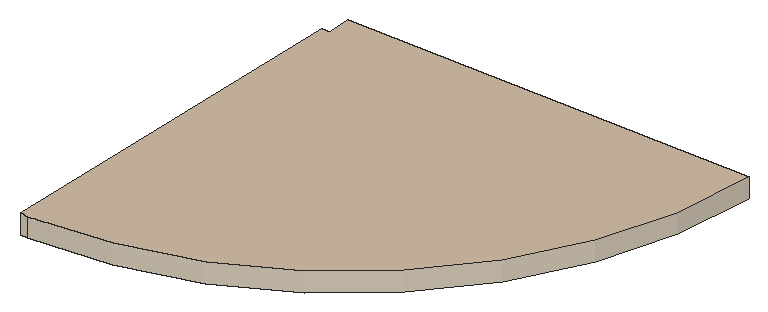
Revit family "7bffa503588f4aab93176808ea3088bd", category Furniture Systems, Revit 2021
Family settings
  Round Connector Dimension = Use Diameter
  Part Type = Normal
  OmniClass Number = 23.40.70.14.64.21
  OmniClass Title = Systems Furniture
  Work Plane-Based = No
  Always vertical = Yes
  Cut with Voids When Loaded = No
  Shared = No
  Room Calculation Point = No
Parameters (values of type "51" x 24"")
  Work Surface Material [instance] = Plastic Laminate - White Oak
  Type Comments = "51\" x 24\" Quarter Circle Work Surface"
  Thickness = 1 1/4"
  Width = (Depth * 2) + 3"  # 51"
  Model = ""
  Manufacturer = ""
  Height = 30"
  Edge Material [instance] = Plastic Laminate - Beige - Light - Smooth
  Description = ""
  Depth = 24"
  Default Elevation = 0"
Types (2): name | Type Comments | Width | Depth
  51" x 24" | "51\" x 24\" Quarter Circle Work Surface" | 51" | 24"
  63" x 30" | "63\" x 30\" Quarter Circle Work Surface" | 63" | 30"
Reference planes (in)
  plane 1 "Center F/B": y = 0
  plane 2: z = 0
  plane 3 "Center L/R": x = 0
  plane 4 "Front": y = -24
  plane 5 "Right": x = 26
  plane 6 "Top": z = 30
  plane 7 "Bottom": z = 28.75
  plane 8: y = 3
  plane 9: x = 0.5
  plane 10: x = 2
  plane 11 "Back": y = 1.5
Forms (in)
  Extrusion 1, solid, material "Plastic Laminate - White Oak" <- "Work Surface Material"
    sketch origin (1.5, 27.75, 0) x (1, 0, 0) y (0, 1, 0)
      loop
        line (-1.5, -27.75) -> (-1.5, -51.75) -> (-1, -51.75)
        arc (-1, -51.75) -> (17.03122, -44.28122) -> (24.5, -26.25) r 25.5
        line (24.5, -26.25) -> (-1, -26.25) -> (-1, -27.75) -> (-1.5, -27.75)
    from 28.75 to 30
Lines and regions (in)
  Masking region 1
    outline origin (-10.94594, 12.22373, 0) x (1, 0, 0) y (0, 1, 0)
      loop
        arc (11.44594, -36.22373) -> (29.47716, -28.75495) -> (36.94594, -10.72373) r 25.5
        line (36.94594, -10.72373) -> (11.44594, -10.72373) -> (11.44594, -12.22373) -> (10.94594, -12.22373) -> (10.94594, -36.22373) -> (11.44594, -36.22373)
Dimensions and locks (in)
  "Depth": plane 4 "Front" to plane 1 "Center F/B"
  "Thickness": plane 6 "Top" to plane 7 "Bottom"
  locked: plane 3 "Center L/R" to plane 9 at 0.5
  locked: plane 1 "Center F/B" to plane 8 at 3
  locked: plane 9 to plane 10 at 1.5
  "Depth": plane 10 to plane 5 "Right"
  equal spacing: plane 8, plane 11 "Back", plane 1 "Center F/B"
  "Height": plane 6 "Top" to plane 2
  aligned and locked: level to plane 2
  aligned and locked: plane 6 "Top" to Extrusion 1
  aligned and locked: plane 7 "Bottom" to Extrusion 1
  aligned and locked: Extrusion 1 sketch curve to plane 3 "Center L/R"
  aligned and locked: Extrusion 1 sketch curve to plane 9
  aligned and locked: plane 1 "Center F/B" to Extrusion 1 sketch curve
  aligned and locked: Extrusion 1 sketch curve to plane 4 "Front"
  aligned and locked: plane 9 to Extrusion 1 sketch curve
  aligned and locked: plane 3 "Center L/R" to Masking region 1 sketch curve
  aligned and locked: plane 9 to Masking region 1 sketch curve  (x2)
  aligned and locked: Masking region 1 sketch curve to plane 1 "Center F/B"
  aligned and locked: plane 4 "Front" to Masking region 1 sketch curve
  aligned and locked: Masking region 1 sketch curve to plane 11 "Back"
  aligned and locked: plane 5 "Right" to Masking region 1 sketch curve
  aligned and locked: plane 11 "Back" to Extrusion 1 sketch curve
